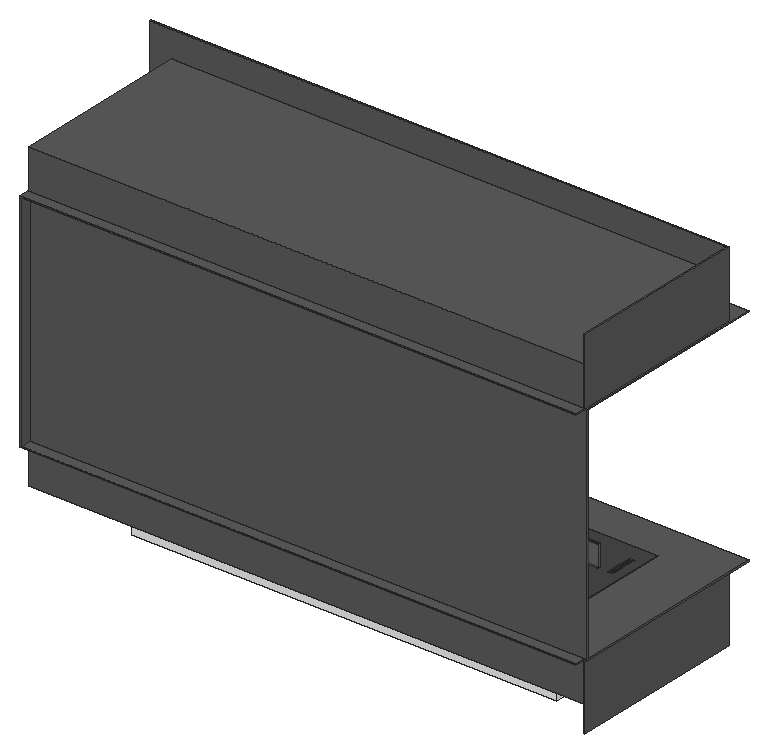
Revit family "1PLANIKA_FLA3_CASING_FORMA_LEFT-CORNER", category Attrezzatura meccanica, host Muro, Revit 2017
Family settings
  Host = Muro
  Quota connettore circolare = Usa diametro
  Tipo di parte = Normale
  Sempre verticale = Sì
  Taglio con vuoti quando caricato = No
  Condiviso = No
  Punto di calcolo locali = Sì
Parameters (values of type "FLA3_FORMA_1200_LEFT-CORNER")
  URL = "https://www.planikafires.com"
  TECHNICAL SHEET = "https://www.planikausa.com/indoor-ethanol-fireplaces/two-sided/"
  PRODUCT SHEET = "https://www.archiproducts.com/en/products/planika/bioethanol-fireplace-insert-fla-3-in-casing-forma_431075"
  POWER SUPPLY = 230 V
  NET WEIGHT = 80.70 kg
  Modello = "FLA3 in FORMA LEFT-CORNER"
  Produttore = "PLANIKA"
  MINIMUM ROOM CUBATURE = 81 m³
  MAXIMUM HEAT OUTPUT = 8.1 kWh
  MAXIMUM BURN TIME = "10 hours"
  MATERIAL DESCRIPTION = "Steel, galvanized steel, toughened glass."
  LENGTH = 1320 mm
  HEIGHT = 710 mm
  FUEL TYPE = "Bioethanol 86 - 96,6%"
  FUEL TANK CAPACITY = 5.5 L
  FORMA LENGTH = 1260 mm
  FLAME HEIGHT REGULATION = "6 stages"
  FLA 3 LENGTH = 990 mm
  FINISHING MATERIAL = Black painted steel -  Planika
  ENVIRONMENTAL PERFORMANCE = "Maximum heat output: 8.1 kWh"
  Descrizione = "Planika’s FORMA fireboxes are truly designed with the user in mind, making them a perfect focal point in any setting, residential or commercial alike. The transparent glass on the left corner enables the flame to be viewed from the front and the left corner, maximising the undisturbed view of the flickering flames. Now, thanks to the zero clearance and self-contained construction, you can frame your fireplace into wood or metal studs."
  DEPTH = 450 mm
  CASING FINISH = Black powder coated steel - Planika
  BIM USER MANUAL = "https://img.edilportale.com/bim/Planika-manual-Planika-bim.pdf"
  BIM BADGE = "https://bim.archiproducts.com/en/badge/bim-archiproducts-featured_658700/about"
  BIM AUTHOR = "https://bim.archiproducts.com"
  APPLICATION = "For indoor use only"
  AIR CHANGE RATE = "1 space volume per hour"
Types (6, lengths in mm): name | NET WEIGHT | MINIMUM ROOM CUBATURE | MAXIMUM HEAT OUTPUT | LENGTH | FUEL TANK CAPACITY | FORMA LENGTH | FLA 3 LENGTH | ENVIRONMENTAL PERFORMANCE
  FLA3_FORMA_1200_LEFT-CORNER | 80.70 kg | 81 m³ | 8.1 kWh | 1320 | 5.5 L | 1260 | 990 | "Maximum heat output: 8.1 kWh"
  FLA3_FORMA_1000_LEFT-CORNER | 67.70 kg | 69 m³ | 6.9 kWh | 1120 | 4.5 L | 1057 | 790 | "Maximum heat output: 6.9 kWh"
  FLA3_FORMA_1500_LEFT-CORNER | 97.60 kg | 113 m³ | 11.2 kWh | 1630 | 8.3 L | 1565 | 1190 | "Maximum heat output: 11.2 kWh"
  FLA3_FORMA_1800_LEFT-CORNER | 114.90 kg | 150 m³ | 15 kWh | 1930 | 10.0 L | 1870 | 1490 | "Maximum heat output: 15 kWh"
  FLA3_FORMA_2300_LEFT-CORNER | 159.80 kg | 212 m³ | 21.2 kWh | 2440 | 12.5 L | 2378 | 1990 | "Maximum heat output: 21.2 kWh"
  FLA3_FORMA_2700_LEFT-CORNER | 233.40 kg | 275 m³ | 27.5 kWh | 2800 | 15.0 L | 2733 | 2490 | "Maximum heat output: 27.5 kWh"
Reference planes
  plane 1 "Wall": y = 0
  plane 2 "Center (Left/Right)": x = 125
  plane 3 "Back": y = 254
  plane 4: x = 755
  plane 5: x = -505
Forms (mm)
  Extrusion 1, void
    sketch origin (125, 0, 0) x (0, 1, 0) y (0, 0, 1)
      loop
        line (-202, 1898.739) -> (-202, 1390.739) -> (254, 1390.739) -> (254, 1898.739) -> (-202, 1898.739)
    from -630 to 630
Text (mm)
  text "Placement Side" at (-1848.837, 1116.779, 0), in view "Ref. Level"
  text "Placement side" at (0, 1409.804, 2854.306), in view "Left"
  text "Placement side" at (0, 499.811, 2980.732), in view "Right"
Dimensions and locks
  locked: plane 3 "Back" to host wall
  equal spacing: plane 4, plane 2 "Center (Left/Right)", plane 5
  "FORMA LENGTH": plane 4 to plane 5
  locked: nested 2 to plane 3 "Back" at 228.2
  aligned and locked: plane 1 "Wall" to host wall
  aligned and locked: nested 1 to plane 2 "Center (Left/Right)"
  aligned and locked: nested 2 to plane 2 "Center (Left/Right)"
  aligned and locked: nested 1 to plane 3 "Back"
  aligned and locked: Extrusion 1 sketch curve to host wall
  aligned and locked: Extrusion 1 to plane 5
  aligned and locked: plane 4 to Extrusion 1
  aligned and locked: nested 1 to Extrusion 1 sketch curve
Automatic sketch dimensions
  Extrusion 1 sketch curve to Extrusion 1 sketch curve = 508 mm
  level to Extrusion 1 sketch curve = 1390.739 mm
Nested families
  nested 1: "CASING_FORMA" at (125, 204, 1644.739) x (-1, 0, 0) z (0, 1, 0), Length <- "FORMA LENGTH", MATERIAL <- "CASING FINISH", type "CASING_FORMA"
    with MATERIAL Black powder coated steel - Planika, Length 1260 mm
  nested 2: "FLA_3" at (125, 25.8, 1210.739) x (-1, 0, 0) z (0, 0, 1), Length <- "FLA 3 LENGTH", Material <- "FINISHING MATERIAL", type "FLA_3"
    with Material Black painted steel -  Planika, Length 990 mm
Connectors
  electrical at (220.704, 2.769, 1210.739), driven by "POWER SUPPLY"
    settings: on nested 2, index 1, voltage 230 V, apparent load 0 VA, apparent load phase1 0 VA, apparent load phase2 0 VA, apparent load phase3 0 VA, power factor 1, load classification "Power", number of poles 1, system type 31, power factor state 1, is connector primary yes, connector utility no, sub classification motor no, connector description ""
Definition of nested family "CASING_FORMA"
  Parameters (values of type "CASING_FORMA")
    Width = 406 mm
    Height = 688 mm
    Length [instance] = 1260 mm
    MATERIAL [instance] = none
    Default Elevation = 1219.2 mm
  Reference planes
    plane 1 "Center (Front/Back)": y = 0
    plane 2: z = 0
    plane 3 "Center (Left/Right)": x = 0
    plane 4: x = -630
    plane 5: x = 630
    plane 6: y = 344
    plane 7: y = -344
    plane 8: z = -406
  Forms (mm)
    Extrusion 1, solid, material <- "MATERIAL"
      sketch origin (0, 0, 0) x (1, 0, 0) y (0, 1, 0)
        loop
          line (-625, -254) -> (630, -254) -> (630, 254) -> (-625, 254) -> (-625, 251.5) -> (627.5, 251.5) -> (627.5, -251.5) -> (-625, -251.5) -> (-625, -254)
      from -431 to 50
    Extrusion 2, solid, material <- "MATERIAL", detail levels fine
      sketch origin (0, 0, 0) x (1, 0, 0) y (0, 1, 0)
        loop
          line (630, -254) -> (730, -254) -> (730, 254) -> (630, 254) -> (630, -254)
      from -2.5 to 0
    Extrusion 3, solid, material <- "MATERIAL"
      sketch origin (0, 0, 0) x (1, 0, 0) y (0, 1, 0)
        loop
          line (-625, 251.5) -> (-625, -251.5) -> (627.5, -251.5) -> (627.5, 251.5) -> (-625, 251.5)
      from -406 to -403.5
    Extrusion 4, solid, material <- "MATERIAL", detail levels fine
      sketch origin (0, 0, 0) x (1, 0, 0) y (0, 0, 1)
        loop
          line (-622.5, -406) -> (630, -406) -> (630, -2.5) -> (-622.5, -2.5) -> (-622.5, -406)
      from -344 to -254
    Extrusion 5, solid, material <- "MATERIAL", detail levels fine
      sketch origin (10, 0, 0) x (1, 0, 0) y (0, 0, 1)
        loop
          line (-632.5, -406) -> (620, -406) -> (620, -2.5) -> (-632.5, -2.5) -> (-632.5, -406)
      from 254 to 344
    Extrusion 6, solid, material <- "MATERIAL", detail levels fine
      sketch origin (0, 0, 0) x (1, 0, 0) y (0, 0, 1)
        loop
          line (-625, 0) -> (-625, -406) -> (-622.5, -406) -> (-622.5, -2.5) -> (680, -2.5) -> (680, 0) -> (-625, 0)
      from 254 to 404
    Extrusion 7, solid, material <- "MATERIAL", detail levels fine
      sketch origin (2000, 0, 0) x (1, 0, 0) y (0, 0, 1)
        loop
          line (-2625, 0) -> (-2625, -406) -> (-2622.5, -406) -> (-2622.5, -2.5) -> (-1320, -2.5) -> (-1320, 0) -> (-2625, 0)
      from -404 to -254
    Extrusion 8, solid, material <- "MATERIAL"
      sketch origin (0, 0, 0) x (0, 1, 0) y (0, 0, 1)
        loop
          line (254, 50) -> (251.5, 50) -> (251.5, -403.5) -> (-251.5, -403.5) -> (-251.5, 50) -> (-254, 50) -> (-254, -406) -> (254, -406) -> (254, 50)
      from -630 to -625
  Cuts and joins
    joined: Extrusion 1, Extrusion 3, Extrusion 8
  Dimensions and locks
    "Length": plane 4 to plane 5
    equal spacing: plane 4, plane 3 "Center (Left/Right)", plane 5
    equal spacing: plane 7, plane 1 "Center (Front/Back)", plane 6
    "Height": plane 7 to plane 6
    "Width": plane 2 to plane 8
    locked: Extrusion 1 sketch curve to Extrusion 1 sketch curve at 2.5  (x3)
    locked: plane 5 to Extrusion 2 sketch curve at 100
    locked: Extrusion 1 to plane 2 at 50
    locked: Extrusion 1 to plane 8 at 25
    locked: Extrusion 3 to plane 8 at 2.5
    locked: Extrusion 6 sketch curve to plane 4 at 5
    locked: Extrusion 6 sketch curve to Extrusion 6 sketch curve at 2.5
    locked: Extrusion 7 sketch curve to Extrusion 7 sketch curve at 2.5  (x2)
    Extrusion 6 to plane 7 to Extrusion 1 = 60 mm locked, 90 mm locked
    locked: Extrusion 7 sketch curve to plane 4 at 5
    locked: plane 5 to Extrusion 7 sketch curve at 50
    Extrusion 7 to plane 6 to Extrusion 7 = 90 mm locked, 60 mm locked
    locked: plane 4 to Extrusion 1 sketch curve at 5
    aligned and locked: level to plane 2
    aligned and locked: Extrusion 1 sketch curve to plane 5
    aligned and locked: plane 5 to Extrusion 2 sketch curve
    aligned and locked: plane 8 to Extrusion 3
    aligned and locked: Extrusion 4 sketch curve to plane 8
    aligned and locked: plane 5 to Extrusion 4 sketch curve
    aligned and locked: Extrusion 4 to plane 6
    aligned and locked: plane 7 to Extrusion 5
    aligned and locked: Extrusion 5 sketch curve to plane 8
    aligned and locked: plane 2 to Extrusion 2
    aligned and locked: plane 8 to Extrusion 6 sketch curve
    aligned and locked: Extrusion 6 sketch curve to plane 2
    aligned and locked: Extrusion 1 to Extrusion 6  (x2)
    aligned and locked: plane 8 to Extrusion 7 sketch curve
    aligned and locked: Extrusion 7 sketch curve to plane 2
    aligned and locked: Extrusion 4 to Extrusion 1
    aligned and locked: Extrusion 1 to Extrusion 3
    aligned and locked: Extrusion 4 sketch curve to Extrusion 6
    aligned and locked: Extrusion 5 to Extrusion 6
    aligned and locked: Extrusion 5 to plane 5
    aligned and locked: Extrusion 5 to Extrusion 1
    aligned and locked: Extrusion 7 to Extrusion 3
    aligned and locked: Extrusion 3 to Extrusion 1 sketch curve
    aligned and locked: Extrusion 8 sketch curve to Extrusion 7
    aligned and locked: Extrusion 8 sketch curve to Extrusion 1
    aligned and locked: Extrusion 8 sketch curve to Extrusion 3  (x2)
    aligned and locked: Extrusion 1 to Extrusion 8 sketch curve  (x2)
    aligned and locked: Extrusion 8 sketch curve to Extrusion 6
    aligned and locked: Extrusion 8 to Extrusion 3
    aligned and locked: Extrusion 8 to plane 4
  Automatic sketch dimensions
    plane 4 to Extrusion 3 sketch curve = 5 mm
    plane 4 to Extrusion 5 sketch curve = 7.5 mm
    Extrusion 6 sketch curve to level = 2.5 mm
    Extrusion 1 sketch curve to plane 7 = 92.5 mm
    Extrusion 2 sketch curve to plane 7 = 90 mm
    Extrusion 5 sketch curve to level = 2.5 mm
    Extrusion 6 sketch curve to plane 5 = 50 mm
    plane 5 to Extrusion 3 sketch curve = 2.5 mm
    Extrusion 3 sketch curve to plane 7 = 92.5 mm
    plane 6 to Extrusion 3 sketch curve = 92.5 mm
    plane 5 to Extrusion 5 sketch curve = 0 mm
    plane 6 to Extrusion 1 sketch curve = 92.5 mm
    plane 6 to Extrusion 2 sketch curve = 90 mm
    Extrusion 4 sketch curve to level = 2.5 mm
    level to Extrusion 8 sketch curve = 50 mm
Definition of nested family "FLA_3"
  Parameters (values of type "FLA_3")
    URL = ""
    Model = ""
    Manufacturer = ""
    Material [instance] = none
    Length [instance] = 990 mm
    Description = ""
    Default Elevation = 1219.2 mm
  Reference planes
    plane 1 "Center (Front/Back)": y = 0
    plane 2: z = 0
    plane 3 "Center (Left/Right)": x = 0
    plane 4: x = -495
    plane 5: x = 495
    plane 6: x = -400
    plane 7: x = 400
    plane 8: x = -447.5
    plane 9: x = 447.5
    plane 10 "Level 1": z = 0
    plane 11: z = 235.862
  Forms (mm)
    Extrusion 1, solid, material <- "Material", detail levels fine
      sketch origin (0, 0, 0) x (0, 1, 0) y (-1, 0, 0)
        loop
          line (-139.982, 495) -> (-139.982, -495) -> (139.98, -495) -> (139.98, 495) -> (-139.982, 495)
        loop
          line (-19.978, 400) -> (-19.978, -400) -> (23.031, -400) -> (23.031, 400) -> (-19.978, 400)
        loop
          line (-72.434, 475) -> (-101.434, 475) -> (-101.434, 470) -> (-72.434, 470) -> (-72.434, 475)
        loop
          line (-72.434, 468) -> (-101.434, 468) -> (-101.434, 463) -> (-72.434, 463) -> (-72.434, 468)
        loop
          line (-41.457, 475) -> (-70.457, 475) -> (-70.457, 470) -> (-41.457, 470) -> (-41.457, 475)
        loop
          line (-41.457, 468) -> (-70.457, 468) -> (-70.457, 463) -> (-41.457, 463) -> (-41.457, 468)
        loop
          line (-70.457, -475) -> (-41.457, -475) -> (-41.457, -470) -> (-70.457, -470) -> (-70.457, -475)
        loop
          line (-70.457, -468) -> (-41.457, -468) -> (-41.457, -463) -> (-70.457, -463) -> (-70.457, -468)
        loop
          line (-101.434, -475) -> (-72.434, -475) -> (-72.434, -470) -> (-101.434, -470) -> (-101.434, -475)
        loop
          line (-101.434, -468) -> (-72.434, -468) -> (-72.434, -463) -> (-101.434, -463) -> (-101.434, -468)
      from 180 to 183
    Extrusion 2, solid, detail levels fine
      sketch origin (0, 0, 0) x (0, 1, 0) y (-1, 0, 0)
        loop
          line (125.097, -480) -> (125.097, 480) -> (-125.1, 480) -> (-125.1, -480) -> (125.097, -480)
        loop
          line (-122.1, -477) -> (122.097, -477) -> (122.097, 477) -> (-122.1, 477) -> (-122.1, -477)
      from 0 to 180
    Extrusion 3, solid, detail levels fine
      sketch origin (-500, 1995.821, 1200) x (0, 1, 0) y (0, 0, 1)
        loop
          arc (-1972.79, -1017) -> (-1977.026, -1018.755) -> (-1978.781, -1022.99) r 5.99
          line (-1978.781, -1022.99) -> (-1978.781, -1040.489) -> (-1976.085, -1040.489) -> (-1976.085, -1022.99)
          arc (-1976.085, -1022.99) -> (-1975.12, -1020.661) -> (-1972.79, -1019.696) r 3.294
          line (-1972.79, -1019.696) -> (-1972.79, -1017)
        loop
          line (-2015.801, -1017) -> (-2015.801, -1019.696)
          arc (-2015.801, -1019.696) -> (-2013.472, -1020.661) -> (-2012.507, -1022.99) r 3.294
          line (-2012.507, -1022.99) -> (-2012.507, -1040.489) -> (-2009.81, -1040.489) -> (-2009.81, -1022.99)
          arc (-2009.81, -1022.99) -> (-2011.565, -1018.755) -> (-2015.801, -1017) r 5.99
      from 100 to 900
    Extrusion 4, solid, detail levels fine
      sketch origin (0, 0, 0) x (0, 1, 0) y (-1, 0, 0)
        loop
          line (122.097, 477) -> (-122.1, 477) -> (-122.1, -477) -> (122.097, -477) -> (122.097, 477)
      from 0 to 3
    Extrusion 5, solid, detail levels fine
      sketch origin (0, 0, 0) x (0, 1, 0) y (-1, 0, 0)
        loop
          circle (-36.96, 0) r 7.5
      from 183 to 202
    Extrusion 6, solid, detail levels fine
      sketch origin (0, 0, 0) x (0, 1, 0) y (-1, 0, 0)
        loop
          circle (-36.96, -250) r 7.5
      from 183 to 202
    Extrusion 7, solid, detail levels fine
      sketch origin (0, 0, 0) x (0, 1, 0) y (-1, 0, 0)
        loop
          circle (-36.96, 250) r 7.5
      from 183 to 202
    Extrusion 8, solid, detail levels fine
      sketch origin (-447.5, 1995.821, 1200) x (0, 1, 0) y (0, 0, 1)
        loop
          line (-2030.396, -964.138) -> (-2035.196, -964.138)
          arc (-2035.196, -964.138) -> (-2035.55, -964.284) -> (-2035.696, -964.638) r 0.5
          line (-2035.696, -964.638) -> (-2035.696, -1013.638)
          arc (-2035.696, -1013.638) -> (-2035.55, -1013.991) -> (-2035.196, -1014.138) r 0.5
          line (-2035.196, -1014.138) -> (-2030.396, -1014.138)
          arc (-2030.396, -1014.138) -> (-2030.043, -1013.991) -> (-2029.896, -1013.638) r 0.5
          line (-2029.896, -1013.638) -> (-2029.896, -964.638)
          arc (-2029.896, -964.638) -> (-2030.043, -964.284) -> (-2030.396, -964.138) r 0.5
      from 0 to 895
    Extrusion 9, solid, detail levels medium
      sketch origin (0, 0, 0) x (0, 1, 0) y (-1, 0, 0)
        loop
          line (-139.982, 495) -> (-139.982, -495) -> (139.98, -495) -> (139.98, 495) -> (-139.982, 495)
      from 0 to 183
    Extrusion 10, solid, detail levels fine
      sketch origin (-447.5, 1994.334, 1200) x (0, 1, 0) y (0, 0, 1)
        loop
          line (-1984.329, -1012.199) -> (-1989.312, -1012.199) -> (-1989.312, -1015.189) -> (-1985.824, -1015.189) -> (-1985.824, -1022.166) -> (-2002.767, -1022.166) -> (-2002.767, -1015.189) -> (-1999.279, -1015.189) -> (-1999.279, -1012.199) -> (-2004.262, -1012.199) -> (-2004.262, -1042.1) -> (-1984.329, -1042.1) -> (-1984.329, -1012.199)
      from 47.5 to 847.5
    Extrusion 11, solid, detail levels fine
      sketch origin (0, 0, 0) x (1, 0, 0) y (0, 1, 0)
        loop
          circle (-95.704, 23.031) r 10
      from 0 to 1
  Dimensions and locks
    equal spacing: plane 4, plane 3 "Center (Left/Right)", plane 5
    "Length": plane 4 to plane 5
    locked: plane 4 to plane 6 at 95
    locked: plane 7 to plane 5 at 95
    equal spacing: plane 4, plane 8, plane 6
    equal spacing: plane 7, plane 9, plane 5
    locked: plane 10 "Level 1" to plane 2
    Extrusion 10 sketch curve to Extrusion 10 sketch curve to Extrusion 10 sketch curve to Extrusion 10 sketch curve = 19.934 mm locked, 6.977 mm locked, 2.99 mm locked
    locked: plane 10 "Level 1" to Extrusion 10 sketch curve at 157.9
    Extrusion 3 sketch curve to Extrusion 3 sketch curve to Extrusion 3 sketch curve to plane 10 "Level 1" = 2.696 mm locked, 20.792 mm locked, 159.511 mm locked
    plane 10 "Level 1" to Extrusion 8 sketch curve to Extrusion 8 sketch curve = 185.862 mm locked, 50 mm locked
    locked: plane 11 to plane 10 "Level 1" at 235.862
    aligned and locked: level to plane 2
    aligned and locked: Extrusion 1 sketch curve to plane 4
    aligned and locked: plane 5 to Extrusion 1 sketch curve
    aligned and locked: Extrusion 3 to plane 6
    aligned and locked: plane 7 to Extrusion 3
    aligned and locked: Extrusion 8 to plane 8
    aligned and locked: plane 9 to Extrusion 8
    aligned and locked: Extrusion 9 sketch curve to Extrusion 1  (x2)
    aligned and locked: Extrusion 10 to Extrusion 1  (x2)
    aligned and locked: Extrusion 1 sketch curve to plane 7
    aligned and locked: plane 4 to nested 1
    aligned and locked: nested 1 to plane 5
    aligned and locked: nested 1 to Extrusion 1  (x2)
    aligned and locked: nested 2 to plane 10 "Level 1"
    aligned and locked: nested 2 to plane 11
    aligned and locked: plane 4 to nested 2
    aligned and locked: plane 5 to nested 2
    aligned and locked: nested 3 to plane 10 "Level 1"
    aligned and locked: nested 3 to plane 11
    aligned and locked: nested 3 to Extrusion 9  (x2)
  Automatic sketch dimensions
    Extrusion 3 sketch curve to Extrusion 3 sketch curve = 0 mm  (x3)
    plane 1 "Center (Front/Back)" to Extrusion 3 sketch curve = 16.685 mm
    Extrusion 3 sketch curve to Extrusion 3 sketch curve = 2.696 mm
    Extrusion 3 sketch curve to Extrusion 3 sketch curve = 3.294 mm
    Extrusion 3 sketch curve to Extrusion 3 sketch curve = 17.498 mm  (x2)
    plane 1 "Center (Front/Back)" to Extrusion 8 sketch curve = 39.875 mm
    Extrusion 8 sketch curve to Extrusion 8 sketch curve = 0.5 mm  (x3)
    Extrusion 8 sketch curve to Extrusion 8 sketch curve = 4.8 mm  (x2)
    Extrusion 3 sketch curve to plane 1 "Center (Front/Back)" = 17.041 mm
    plane 1 "Center (Front/Back)" to Extrusion 10 sketch curve = 9.928 mm
    plane 1 "Center (Front/Back)" to Extrusion 10 sketch curve = 8.433 mm
    plane 1 "Center (Front/Back)" to Extrusion 10 sketch curve = 4.945 mm
    Extrusion 10 sketch curve to plane 1 "Center (Front/Back)" = 5.022 mm
    Extrusion 10 sketch curve to Extrusion 10 sketch curve = 3.488 mm
    Extrusion 10 sketch curve to Extrusion 10 sketch curve = 1.495 mm
    Extrusion 10 sketch curve to Extrusion 10 sketch curve = 6.977 mm
    Extrusion 10 sketch curve to Extrusion 10 sketch curve = 2.99 mm
    plane 1 "Center (Front/Back)" to Extrusion 9 sketch curve = 139.982 mm
    Extrusion 9 sketch curve to plane 1 "Center (Front/Back)" = 139.98 mm
    plane 4 to Extrusion 2 sketch curve = 15 mm
    plane 1 "Center (Front/Back)" to Extrusion 2 sketch curve = 125.1 mm
    Extrusion 2 sketch curve to Extrusion 2 sketch curve = 3 mm  (x4)
    Extrusion 2 sketch curve to plane 5 = 18 mm
    Extrusion 2 sketch curve to plane 1 "Center (Front/Back)" = 122.097 mm
    Extrusion 1 sketch curve to plane 6 = 0 mm
    plane 1 "Center (Front/Back)" to Extrusion 1 sketch curve = 139.982 mm
    Extrusion 1 sketch curve to plane 5 = 20 mm  (x2)
    Extrusion 1 sketch curve to Extrusion 1 sketch curve = 38.548 mm  (x2)
    Extrusion 1 sketch curve to Extrusion 1 sketch curve = 0 mm  (x10)
    Extrusion 1 sketch curve to plane 8 = 15.5 mm
    Extrusion 1 sketch curve to Extrusion 1 sketch curve = 29 mm  (x4)
    Extrusion 1 sketch curve to Extrusion 1 sketch curve = 1.977 mm  (x4)
    plane 1 "Center (Front/Back)" to Extrusion 1 sketch curve = 19.978 mm
    Extrusion 1 sketch curve to plane 1 "Center (Front/Back)" = 23.031 mm
    Extrusion 1 sketch curve to plane 1 "Center (Front/Back)" = 139.98 mm
    Extrusion 1 sketch curve to Extrusion 1 sketch curve = 5 mm  (x7)
    Extrusion 1 sketch curve to Extrusion 1 sketch curve = 2 mm  (x2)
    plane 4 to Extrusion 4 sketch curve = 18 mm
    plane 1 "Center (Front/Back)" to Extrusion 4 sketch curve = 122.1 mm
    Extrusion 4 sketch curve to plane 1 "Center (Front/Back)" = 122.097 mm
    Extrusion 4 sketch curve to plane 5 = 18 mm
    plane 1 "Center (Front/Back)" to Extrusion 7 sketch curve = 36.96 mm
    plane 6 to Extrusion 7 sketch curve = 150 mm
    Extrusion 5 sketch curve to plane 3 "Center (Left/Right)" = 0 mm
    plane 1 "Center (Front/Back)" to Extrusion 5 sketch curve = 36.96 mm
    plane 1 "Center (Front/Back)" to Extrusion 6 sketch curve = 36.96 mm
    Extrusion 6 sketch curve to plane 7 = 150 mm
    Extrusion 11 sketch curve to plane 1 "Center (Front/Back)" = 23.031 mm
    Extrusion 11 sketch curve to plane 3 "Center (Left/Right)" = 95.704 mm
    radius of Extrusion 7 sketch curve = 7.5 mm
    radius of Extrusion 5 sketch curve = 7.5 mm
    radius of Extrusion 6 sketch curve = 7.5 mm
    radius of Extrusion 11 sketch curve = 10 mm
  Nested families
    nested 1: "FIREPLACE_SYMBOL_detail item" at (0, -0.001, 0), WIDTH <- "Length", type "FIREPLACE_SYMBOL_detail item", detail levels coarse
      with WIDTH 990 mm, HEIGHT 279.962 mm
    nested 2: "FIREPLACE_SYMBOL_detail item" at (0, 0, 117.931) x (1, 0, 0) z (0, -1, 0), type "FIREPLACE_SYMBOL_detail item", detail levels coarse
      with WIDTH 990 mm, HEIGHT 235.862 mm
    nested 3: "FIREPLACE_SYMBOL_detail item" at (0, -0.001, 117.931) x (0, 1, 0) z (1, 0, 0), type "FIREPLACE_SYMBOL_detail item", detail levels coarse
      with WIDTH 279.962 mm, HEIGHT 235.862 mm
  Definition of nested family "FIREPLACE_SYMBOL_detail item"
    Parameters (values of type "FIREPLACE_SYMBOL_detail item")
      WIDTH [instance] = 500 mm
      HEIGHT [instance] = 500 mm
    Reference planes
      plane 1 "Center (Front/Back)": y = 0
      plane 2: z = 0
      plane 3 "Center (Left/Right)": x = 0
      plane 4: x = 250
      plane 5: x = -250
      plane 6: y = 250
      plane 7: y = -250
    Lines and regions (mm)
      Filled region 1, type "Concrete", in view "Ref. Level"
        outline origin (-246.617, 90, 0) x (1, 0, 0) y (0, 1, 0)
          loop
            line (-3.383, -340) -> (496.617, -340) -> (496.617, 160) -> (-3.383, -340)
      detail lines, in view "Ref. Level"
        curve 1: line (-250, 250, 0) -> (250, 250, 0)
        curve 2: line (-250, -250, 0) -> (-250, 250, 0)
        curve 3: line (250, -250, 0) -> (-250, -250, 0)
        curve 4: line (250, 250, 0) -> (250, -250, 0)
    Dimensions and locks
      equal spacing: plane 5, plane 3 "Center (Left/Right)", plane 4
      equal spacing: plane 7, plane 1 "Center (Front/Back)", plane 6
      "WIDTH": plane 5 to plane 4
      "HEIGHT": plane 7 to plane 6
      aligned and locked: plane 6 to curve 1
      aligned and locked: plane 5 to curve 2
      aligned and locked: curve 3 to plane 7
      aligned and locked: curve 4 to plane 4
      aligned and locked: plane 6 to Filled region 1 sketch curve
      aligned and locked: plane 5 to Filled region 1 sketch curve
      aligned and locked: Filled region 1 sketch curve to plane 4
      aligned and locked: plane 7 to Filled region 1 sketch curve
